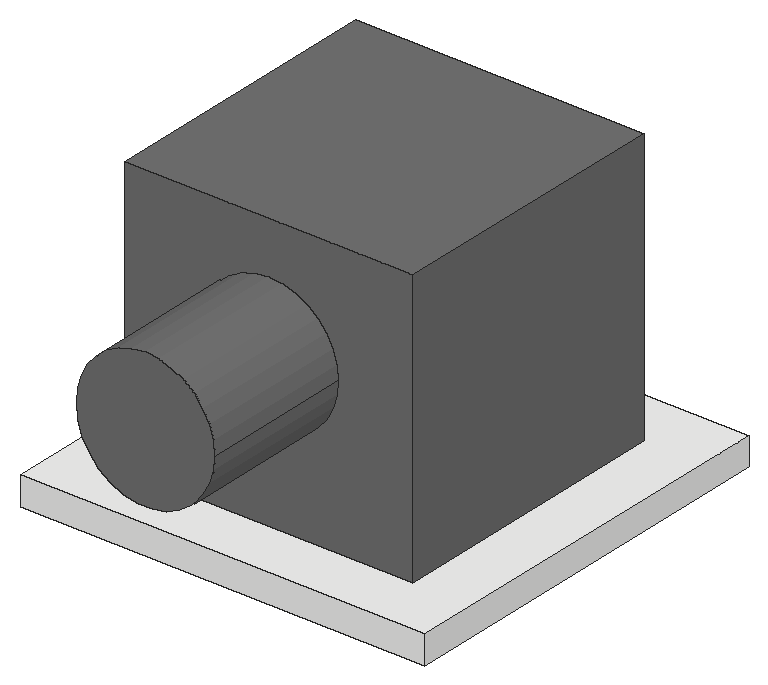
Revit family "vd-10_13zalc14_60Hz", category 機械設備, Revit 2019
Family settings
  丸型コネクタ寸法 = 直径を使用
  パーツ タイプ = 標準
  OmniClass 番号 = 23.75.35.17.27
  OmniClass タイトル = Centrifugal Fans
  作業面ベース = いいえ
  常に垂直 = はい
  ロード時にボイドで切り取り = いいえ
  共有 = いいえ
  部屋計算ポイント = はい
Parameters (values of type "VD-13ZALC14")
  騒音レベル(dB(A)) [instance] = 33.5
  風量 [instance] = 130.0 m³/h
  電源種別 [instance] = ""
  電圧 = 100 V
  電動機出力 = 0 W
  電動機_種別 [instance] = ""
  運転質量 = 0.00 kg
  連動 [instance] = ""
  質量 = if(製品質量 > 運転質量, 製品質量, 運転質量) * 1.2  # 2.04 kg
  負荷分類 = 3_ファン類
  説明 = "人感センサー搭載 ダクト用換気扇 低騒音形 24時間換気機能付"
  設計風量 [instance] = 0.0 m³/h
  設置方法 = "天埋"
  記号 [instance] = ""
  製造元 = "三菱電機株式会社"
  製品質量 = 1.70 kg
  製品出荷対象 = "国内"
  製品リリース年月 = "2024年6月3日"
  製品グループ = ""
  系統 [instance] = ""
  符号 [instance] = if(☑給気／□排気, "FS", "FE")  # "FE"
  積算_科目 = "2 換気設備"
  積算_拾い区分 [instance] = ""
  相 = 1
  盤記号 [instance] = ""
  発停方法 [instance] = ""
  特殊仕様 [instance] = ""
  火災停止 [instance] = ""
  消費電力 = 20 W
  法定耐用年数 = "15"
  機外静圧 [instance] = 0.0 Pa
  極数 = 2
  材質 [instance] = ""
  操作・制御方式 = ""
  操作・制御スイッチ = ""
  排気量 [instance] = if(☑給気／□排気, 0.0 m³/h, 設計風量)  # 0.0 m³/h
  形式 = "天井埋込ダクト形"
  幹線記号 [instance] = ""
  対象室 [instance] = ""
  実風量 [instance] = 0.0 m³/h
  始動方式 [instance] = "直入"
  外気量 [instance] = if(☑給気／□排気, 設計風量, 0.0 m³/h)  # 0.0 m³/h
  呼称 = "天井扇"
  周波数 = 60 Hz
  参照している仕様書等のバージョン = ""
  分類コード = "50052503100030"
  分類グループ = ""
  価格 = 42600
  企業コード = "108420"
  付属品_防振装置 = ""
  付属品 [instance] = ""
  仕様書バージョン = "Version1.0"
  モデル = "VD-13ZALC14"
  マテリアル = 合成樹脂(黒)
  ファンの種類 = ""
  ダクト径 = 100 mm
  コメント [instance] = ""
  Keynote = ""
  カバーマテリアル = 合成樹脂(白)
  ☑給気／□排気 [instance] = no
  Width = 204 mm
  W1 = 286 mm
  Version = ""
  Uniclass2015Version = "Systems v1.9"
  Uniclass2015Title = "Centrifugal fans"
  Uniclass2015Code = "Pr_65_67_29_12"
  URL = "https://www.mitsubishielectric.co.jp/ldg/wink/qr/002/333577/"
  SpecificationReference = ""
  SpecificationDescription = ""
  Revision = ""
  ProductInformation = ""
  OmniClassCode = "23-33 31 19 11 15"
  OAサイズ_D = 0 mm
  MIN風量 = 65.0 m³/h
  MIN静圧 = 0.0 Pa
  MID風量 = 0.0 m³/h
  MID静圧 = 0.0 Pa
  MAX風量 = 130.0 m³/h
  MAX静圧 = 0.0 Pa
  IfcTypeProduct = ""
  IfcProduct = ""
  IfcExportType = "PROPELLORAXIAL"
  IfcExportAs = "IfcFanType"
  Height = 195 mm
  H1 = 20 mm
  EAサイズ_D = 98 mm
  Duct_Height = 109 mm
  Duct_Depth = 109 mm
  Duct_Center = 0 mm
  Depth = 204 mm
  D1 = 286 mm
  Author = "三菱電機株式会社"
Types (2, lengths in mm): name | 騒音レベル(dB(A)) | 風量 | 質量 | 製品質量 | 消費電力 | 価格 | モデル | Width | W1 | URL | MIN風量 | MAX風量 | Height | Duct_Height | Depth | D1
  VD-10ZALC14 | 32.5 | 95.0 m³/h | 1.80 kg | 1.50 kg | 12.7 W | 38500 | "VD-10ZALC14" | 174 | 250 | "https://www.mitsubishielectric.co.jp/ldg/wink/qr/002/333553/" | 55.0 m³/h | 95.0 m³/h | 184 | 102 | 174 | 250
  VD-13ZALC14 | 33.5 | 130.0 m³/h | 2.04 kg | 1.70 kg | 20 W | 42600 | "VD-13ZALC14" | 204 | 286 | "https://www.mitsubishielectric.co.jp/ldg/wink/qr/002/333577/" | 65.0 m³/h | 130.0 m³/h | 195 | 109 | 204 | 286
Reference planes
  plane 1 "中心(正面/背面)": y = 0
  plane 2: z = 0
  plane 3 "中心(左/右)": x = 0
  plane 4: x = -143
  plane 5: x = 143
  plane 6: y = 143
  plane 7: y = -143
  plane 8: x = -102
  plane 9: x = 102
  plane 10: y = 102
  plane 11: y = -102
  plane 12: y = -211
  plane 13: z = 195
  plane 14: z = -20
  plane 15: z = 109
  plane 16: x = 0
Forms (mm)
  Extrusion 1, solid, material "合成樹脂(黒)" <- "マテリアル", detail levels fine
    sketch origin (0, 0, 0) x (1, 0, 0) y (0, 1, 0)
      loop
        line (-102, 102) -> (-102, -102) -> (102, -102) -> (102, 102) -> (-102, 102)
    from 0 to 195
  Extrusion 2, solid, material "合成樹脂(白)" <- "カバーマテリアル", detail levels fine
    sketch origin (0, 0, 0) x (1, 0, 0) y (0, 1, 0)
      loop
        line (-143, 143) -> (-143, -143) -> (143, -143) -> (143, 143) -> (-143, 143)
    from 0 to -20
  Extrusion 3, solid, material "合成樹脂(黒)" <- "マテリアル", detail levels fine
    sketch origin (0, 0, 0) x (1, 0, 0) y (0, 0, 1)
      loop
        circle (0, 109) r 49
    from 102 to 211
Dimensions and locks
  equal spacing: plane 4, plane 3 "中心(左/右)", plane 5
  "W1": plane 4 to plane 5
  equal spacing: plane 6, plane 1 "中心(正面/背面)", plane 7
  "D1": plane 6 to plane 7
  equal spacing: plane 8, plane 3 "中心(左/右)", plane 9
  "Width": plane 8 to plane 9
  equal spacing: plane 10, plane 1 "中心(正面/背面)", plane 11
  "Depth": plane 10 to plane 11
  "Duct_Depth": plane 11 to plane 12
  "Height": plane 13 to plane 2
  "Duct_Height": plane 15 to plane 2
  "H1": plane 2 to plane 14
  "Duct_Center": plane 3 "中心(左/右)" to plane 16
  "EAサイズ_D": diameter of Extrusion 3 sketch curve
  aligned and locked: level to plane 2
  aligned and locked: plane 5 to Extrusion 2
  aligned and locked: plane 6 to Extrusion 2
  aligned and locked: Extrusion 2 to plane 4
  aligned and locked: Extrusion 2 to plane 7
  aligned and locked: plane 9 to Extrusion 1
  aligned and locked: Extrusion 1 to plane 11
  aligned and locked: Extrusion 1 to plane 8
  aligned and locked: plane 10 to Extrusion 1
  aligned and locked: plane 13 to Extrusion 1
  aligned and locked: Extrusion 2 to plane 14
  aligned and locked: level to Extrusion 2
  aligned and locked: Extrusion 1 to level
  aligned and locked: Extrusion 3 to plane 12
  aligned and locked: plane 11 to Extrusion 3
Automatic sketch dimensions
  Extrusion 1 sketch curve to plane 3 "中心(左/右)" = 102 mm
  plane 3 "中心(左/右)" to Extrusion 1 sketch curve = 102 mm
  Extrusion 2 sketch curve to plane 3 "中心(左/右)" = 143 mm
  plane 3 "中心(左/右)" to Extrusion 2 sketch curve = 143 mm
  plane 1 "中心(正面/背面)" to Extrusion 1 sketch curve = 102 mm
  Extrusion 1 sketch curve to plane 1 "中心(正面/背面)" = 102 mm
  plane 1 "中心(正面/背面)" to Extrusion 2 sketch curve = 143 mm
  Extrusion 2 sketch curve to plane 1 "中心(正面/背面)" = 143 mm
  Extrusion 3 sketch curve to plane 15 = 0 mm
  Extrusion 3 sketch curve to plane 16 = 0 mm
Nested families
  nested 1: "記号_天井換気扇_平面" at (0, 0, 0), type "記号_天井換気扇_平面", detail levels coarse+medium
Connectors
  hvac at (0, -211, 109), driven by "ダクト径", driven by "風量", driven by "機外静圧"
    settings: on Extrusion 3, index 1, duct flow 130.0 m³/h, flow factor 0, pres drop 0.0 Pa, loss coef 0, conn angle 0.00°, conn width 304.8 mm, conn height 304.8 mm, conn diameter 100 mm, duct sys type 3, conn prof type 0, flow config 0, flow direction 2, loss method 4, conn ref index -1, conn util no, is conn primary yes, conn desc ""
  electrical at (0, 0, 195), driven by "極数", driven by "負荷分類", driven by "電圧", driven by "消費電力"
    settings: on Extrusion 1, index 2, voltage 100 V, apparent load 20 VA, apparent load phase1 0 VA, apparent load phase2 0 VA, apparent load phase3 0 VA, power factor 1, load classification "3_ファン類", number of poles 2, system type 30, power factor state 1, is connector primary yes, connector utility no, sub classification motor no, connector description ""
Definition of nested family "記号_天井換気扇_平面"
  Reference planes
    plane 1: y = 0
    plane 2: x = 0
  Lines and regions (mm)
    detail lines
      curve 1: line (-2.5, 2.5, 0) -> (2.5, 2.5, 0)
      curve 2: line (-2.5, -2.5, 0) -> (-2.5, 2.5, 0)
      curve 3: line (2.5, -2.5, 0) -> (-2.5, -2.5, 0)
      curve 4: line (2.5, 2.5, 0) -> (2.5, -2.5, 0)
      curve 5: circle (-1.04, -1.04, 0) r 1.46 normal (0, 0, 1)
      curve 6: circle (1.04, 1.04, 0) r 1.46 normal (0, 0, 1)
      curve 7: line (-3.125, 3.125, 0) -> (3.125, 3.125, 0)
      curve 8: line (-3.125, -3.125, 0) -> (-3.125, 3.125, 0)
      curve 9: line (3.125, -3.125, 0) -> (-3.125, -3.125, 0)
      curve 10: line (3.125, 3.125, 0) -> (3.125, -3.125, 0)
      curve 11: circle (1.295, 1.295, 0) r 1.83 normal (0, 0, 1)
      curve 12: circle (-1.295, -1.295, 0) r 1.83 normal (0, 0, 1)
      curve 13: line (-2, 2, 0) -> (2, 2, 0)
      curve 14: line (-2, -2, 0) -> (-2, 2, 0)
      curve 15: line (2, -2, 0) -> (-2, -2, 0)
      curve 16: line (2, 2, 0) -> (2, -2, 0)
      curve 17: circle (0.84, 0.84, 0) r 1.16 normal (0, 0, 1)
      curve 18: circle (-0.84, -0.84, 0) r 1.2 normal (0, 0, 1)
